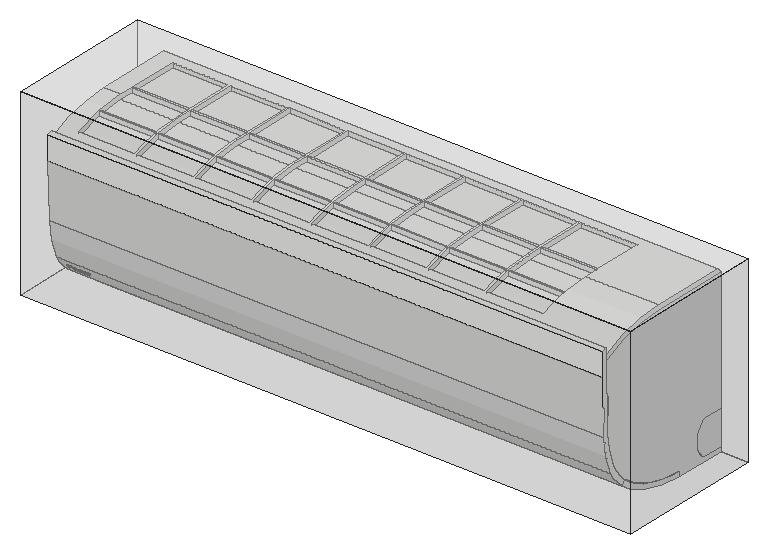
Revit family "outputfile", category 機械設備, Revit 2024 (continued)
Definition of nested family "DAIKIN_indoorunit_FTXV-UVMA"
  Automatic sketch dimensions
    Extrusion 21 sketch curve to Extrusion 21 sketch curve = 31.393 mm
    Extrusion 21 sketch curve to Extrusion 21 sketch curve = 9.215 mm
    Extrusion 21 sketch curve to level = 8.0 mm
    Extrusion 22 sketch curve to plane 1 "Center (Front/Back)" = 0.0 mm
    Extrusion 22 sketch curve to Extrusion 22 sketch curve = 20.0 mm  (x2)
    Extrusion 22 sketch curve to level = 287.035 mm
    Extrusion 23 sketch curve to plane 1 "Center (Front/Back)" = 0.0 mm
    Extrusion 23 sketch curve to Extrusion 23 sketch curve = 20.0 mm  (x2)
    Extrusion 23 sketch curve to level = 287.035 mm
    plane 1 "Center (Front/Back)" to Extrusion 24 sketch curve = 0.0 mm  (x2)
    plane 3 "Center (Left/Right)" to Extrusion 24 sketch curve = 469.0 mm
    Extrusion 24 sketch curve to Extrusion 24 sketch curve = 20.0 mm  (x4)
    Extrusion 24 sketch curve to plane 3 "Center (Left/Right)" = 409.0 mm
  Nested families
    nested 1: "daikin_logo_plane_w40" at (-320, -198.871, -233.244) x (1, 0, 0) z (0, -0.7841, -0.6206), visible <- "Width=770", type "daikin_logo_plane_w40"
      with show_logo yes
    nested 2: "daikin_logo_plane_w40" at (-430, -237.74, -233.244) x (1, 0, 0) z (0, -0.7841, -0.6206), visible <- "Width=990", type "daikin_logo_plane_w40"
      with show_logo yes
  Definition of nested family "daikin_logo_plane_w40"
    Parameters (values of type "daikin_logo_plane_w40")
      width = 40.0 mm
      show_logo [instance] = yes
      material = none
      height = 0.0 mm
      depth = 0.0 mm
      Default Elevation = 1219.2 mm
    Reference planes
      plane 1 "Center (Front/Back)": y = 0
      plane 2: z = 0
      plane 3 "Center (Left/Right)": x = 0
      plane 4: z = 2
      plane 5 "left": x = -19
      plane 6: x = 19
    Forms (mm)
      Extrusion 1, solid, visible <- "show_logo"
        sketch origin (-19, 0, 0) x (1, 0, 0) y (0, 1, 0)
          loop
            line (8.902, -1.878) -> (7.789, -6.332) -> (11.13, -6.332)
            arc (11.13, -6.332) -> (12.454, -6.064) -> (13.472, -5.176) r 2.642
            arc (13.472, -5.176) -> (13.92, -4.02) -> (13.767, -2.79) r 2.537
            arc (13.767, -2.79) -> (13.452, -2.342) -> (12.982, -2.06) r 1.321
            arc (12.982, -2.06) -> (12.063, -1.902) -> (11.13, -1.878) r 6.479
            line (11.13, -1.878) -> (8.902, -1.878)
          loop
            line (10.016, -5.441) -> (10.907, -5.441)
            arc (10.907, -5.441) -> (11.591, -4.983) -> (11.988, -4.261) r 1.742
            spline (11.988, -4.261) -> (12.01, -4.155) -> (12.027, -4.03) -> (12.037, -3.893) -> (12.037, -3.747) -> (12.026, -3.598) -> (12.002, -3.451) -> (11.962, -3.31) -> (11.905, -3.181) -> (11.829, -3.069) -> (11.731, -2.978) -> (11.61, -2.913) -> (11.464, -2.88)
            line (11.464, -2.88) -> (10.573, -2.88) -> (10.016, -5.441)
          loop
            line (13.58, -6.332) -> (14.805, -6.332) -> (15.223, -5.553) -> (16.977, -5.553) -> (17.144, -6.332) -> (19.149, -6.332) -> (18.258, -1.878) -> (16.03, -1.878) -> (13.58, -6.332)
          loop
            line (16.476, -3.214) -> (15.76, -4.551) -> (16.762, -4.551) -> (16.476, -3.214)
          loop
            line (19.705, -6.332) -> (21.599, -6.332) -> (22.712, -1.878) -> (20.819, -1.878) -> (19.705, -6.332)
          loop
            line (22.712, -6.332) -> (24.606, -6.332) -> (24.908, -5.122) -> (25.831, -6.332) -> (28.17, -6.332) -> (26.388, -3.994) -> (28.949, -1.878) -> (26.945, -1.878) -> (25.401, -3.153) -> (25.719, -1.878) -> (23.826, -1.878) -> (22.712, -6.332)
          loop
            line (29.84, -1.878) -> (28.615, -6.332) -> (30.62, -6.332) -> (31.734, -1.878) -> (29.84, -1.878)
          loop
            line (31.734, -6.332) -> (33.07, -6.332) -> (33.7, -3.814) -> (34.518, -6.332) -> (36.745, -6.332) -> (37.859, -1.878) -> (36.523, -1.878) -> (35.845, -4.589) -> (34.963, -1.878) -> (32.847, -1.878) -> (31.734, -6.332)
        from 0 to 2
      Extrusion 2, solid, visible <- "show_logo"
        sketch origin (-19, 0, 0) x (1, 0, 0) y (0, 1, 0)
          loop
            line (8.7, 0) -> (4.235, 0) -> (0, -3.879) -> (0, -8) -> (8.7, 0)
        from 0 to 2
      Extrusion 3, solid, visible <- "show_logo"
        sketch origin (-19, 0, 0) x (1, 0, 0) y (0, 1, 0)
          loop
            line (0, 0) -> (0, -3.879) -> (4.235, 0) -> (0, 0)
        from 0 to 2
    Dimensions and locks
      plane 4 to plane 2 = 2.0 mm
      equal spacing: plane 5 "left", plane 3 "Center (Left/Right)", plane 6
      locked: plane 5 "left" to plane 6 at 38
      aligned and locked: level to plane 2
      aligned and locked: Extrusion 3 to plane 1 "Center (Front/Back)"  (x2)
      aligned and locked: Extrusion 2 to plane 1 "Center (Front/Back)"  (x2)
      aligned and locked: plane 4 to Extrusion 1
      aligned and locked: plane 4 to Extrusion 3
      aligned and locked: plane 4 to Extrusion 2
      aligned and locked: Extrusion 3 to plane 5 "left"
      aligned and locked: Extrusion 2 to plane 5 "left"
    Automatic sketch dimensions
      Extrusion 1 sketch curve to Extrusion 1 sketch curve = 0.901 mm
      Extrusion 1 sketch curve to Extrusion 1 sketch curve = 1.559 mm
      Extrusion 1 sketch curve to Extrusion 1 sketch curve = 1.327 mm
      Extrusion 1 sketch curve to Extrusion 1 sketch curve = 2.145 mm
      Extrusion 1 sketch curve to Extrusion 1 sketch curve = 1.448 mm
      Extrusion 1 sketch curve to Extrusion 1 sketch curve = 2.116 mm
      Extrusion 1 sketch curve to Extrusion 1 sketch curve = 1.114 mm  (x4)
      Extrusion 1 sketch curve to Extrusion 1 sketch curve = 1.336 mm  (x2)
      plane 1 "Center (Front/Back)" to Extrusion 1 sketch curve = 1.878 mm  (x5)
      Extrusion 1 sketch curve to Extrusion 1 sketch curve = 1.893 mm  (x5)
      Extrusion 1 sketch curve to Extrusion 1 sketch curve = 0.891 mm  (x4)
      Extrusion 1 sketch curve to Extrusion 1 sketch curve = 2.005 mm  (x3)
      Extrusion 1 sketch curve to Extrusion 1 sketch curve = 0.445 mm  (x2)
      plane 1 "Center (Front/Back)" to Extrusion 1 sketch curve = 3.994 mm
      Extrusion 1 sketch curve to Extrusion 1 sketch curve = 0.557 mm  (x2)
      Extrusion 1 sketch curve to Extrusion 1 sketch curve = 2.339 mm  (x2)
      Extrusion 1 sketch curve to Extrusion 1 sketch curve = 1.225 mm  (x3)
      plane 1 "Center (Front/Back)" to Extrusion 1 sketch curve = 3.153 mm
      Extrusion 1 sketch curve to Extrusion 1 sketch curve = 0.987 mm
      plane 1 "Center (Front/Back)" to Extrusion 1 sketch curve = 5.122 mm
      Extrusion 1 sketch curve to Extrusion 1 sketch curve = 0.922 mm
      plane 1 "Center (Front/Back)" to Extrusion 1 sketch curve = 6.332 mm
      Extrusion 1 sketch curve to Extrusion 1 sketch curve = 2.562 mm
      plane 1 "Center (Front/Back)" to Extrusion 1 sketch curve = 5.553 mm
      Extrusion 1 sketch curve to Extrusion 1 sketch curve = 0.167 mm
      Extrusion 1 sketch curve to Extrusion 1 sketch curve = 0.215 mm
      plane 1 "Center (Front/Back)" to Extrusion 1 sketch curve = 3.214 mm
      Extrusion 1 sketch curve to Extrusion 1 sketch curve = 0.286 mm
      plane 1 "Center (Front/Back)" to Extrusion 1 sketch curve = 4.551 mm
      Extrusion 1 sketch curve to Extrusion 1 sketch curve = 1.002 mm
      Extrusion 1 sketch curve to Extrusion 1 sketch curve = 0.537 mm
      Extrusion 1 sketch curve to Extrusion 1 sketch curve = 0.418 mm
      Extrusion 1 sketch curve to Extrusion 1 sketch curve = 1.028 mm
      plane 1 "Center (Front/Back)" to Extrusion 1 sketch curve = 4.261 mm
      Extrusion 1 sketch curve to Extrusion 1 sketch curve = 0.563 mm
      plane 1 "Center (Front/Back)" to Extrusion 1 sketch curve = 2.88 mm
      Extrusion 1 sketch curve to Extrusion 1 sketch curve = 1.088 mm
      Extrusion 1 sketch curve to Extrusion 1 sketch curve = 2.152 mm
      Extrusion 1 sketch curve to Extrusion 1 sketch curve = 0.586 mm
      Extrusion 1 sketch curve to Extrusion 1 sketch curve = 0.118 mm
      Extrusion 1 sketch curve to Extrusion 1 sketch curve = 0.298 mm
      Extrusion 1 sketch curve to Extrusion 1 sketch curve = 0.334 mm
      Extrusion 1 sketch curve to Extrusion 1 sketch curve = 0.223 mm
      Extrusion 1 sketch curve to Extrusion 1 sketch curve = 0.266 mm
      Extrusion 1 sketch curve to Extrusion 1 sketch curve = 1.671 mm
      Extrusion 1 sketch curve to Extrusion 1 sketch curve = 2.227 mm
      Extrusion 1 sketch curve to Extrusion 1 sketch curve = 0.0 mm  (x7)
      Extrusion 1 sketch curve to Extrusion 1 sketch curve = 3.453 mm
      Extrusion 1 sketch curve to Extrusion 1 sketch curve = 2.017 mm
      Extrusion 1 sketch curve to Extrusion 1 sketch curve = 0.78 mm  (x2)
      Extrusion 1 sketch curve to Extrusion 1 sketch curve = 1.743 mm
      Extrusion 1 sketch curve to Extrusion 1 sketch curve = 0.775 mm
      Extrusion 1 sketch curve to Extrusion 1 sketch curve = 0.552 mm
      Extrusion 1 sketch curve to Extrusion 1 sketch curve = 0.014 mm
      Extrusion 1 sketch curve to Extrusion 1 sketch curve = 0.952 mm
      Extrusion 1 sketch curve to Extrusion 1 sketch curve = 1.215 mm
      Extrusion 1 sketch curve to Extrusion 1 sketch curve = 0.108 mm
      plane 1 "Center (Front/Back)" to Extrusion 2 sketch curve = 0.0 mm
      Extrusion 2 sketch curve to plane 3 "Center (Left/Right)" = 19.0 mm
      Extrusion 2 sketch curve to plane 3 "Center (Left/Right)" = 14.765 mm
      Extrusion 2 sketch curve to Extrusion 2 sketch curve = 4.465 mm
      plane 1 "Center (Front/Back)" to Extrusion 2 sketch curve = 3.879 mm
      Extrusion 2 sketch curve to Extrusion 2 sketch curve = 4.12 mm
      plane 1 "Center (Front/Back)" to Extrusion 3 sketch curve = 0.0 mm
      Extrusion 3 sketch curve to plane 3 "Center (Left/Right)" = 19.0 mm
      Extrusion 3 sketch curve to plane 3 "Center (Left/Right)" = 14.765 mm
      plane 1 "Center (Front/Back)" to Extrusion 3 sketch curve = 3.879 mm
      Extrusion 1 sketch curve to plane 3 "Center (Left/Right)" = 11.211 mm
      Extrusion 1 sketch curve to Extrusion 1 sketch curve = 1.782 mm
Definition of nested family "daikin_connector_rotate3"
  Parameters (values of type "daikin_connector_rotate3")
    show [instance] = yes
    radius [instance] = 10.0 mm
    length [instance] = 600.0 mm
    angle_horizontal [instance] = 60.00°
    angle_vertical [instance] = 90.00°
    Default Elevation = 1219.2 mm
  Reference planes
    plane 1 "Center (Front/Back)": y = 0
    plane 2: z = 0
    plane 3 "Center (Left/Right)": x = 0
  Dimensions and locks
    "angle_horizontal": angle plane 3 "Center (Left/Right)" to nested 1
    aligned and locked: level to plane 2
    aligned and locked: plane 1 "Center (Front/Back)" to nested 1  (x2)
    aligned and locked: plane 3 "Center (Left/Right)" to nested 1
  Nested families
    nested 1: "daikin_connector_rotate2" at (0, 0, 0) x (0.5, 0.866, 0) z (0, 0, 1), angle_vertical <- "angle_vertical", length <- "length", radius <- "radius", type "daikin_connector_rotate2"
      with radius 10.0 mm, length 600.0 mm, angle_vertical 90.00°
  Definition of nested family "daikin_connector_rotate2"
    Parameters (values of type "daikin_connector_rotate2")
      show_face = yes
      radius [instance] = 10.0 mm
      length [instance] = 600.0 mm
      d_surface = 10.0 mm
      angle_vertical [instance] = 90.00°
      Default Elevation = 0.0 mm
    Reference planes
      plane 1 "Center (Front/Back)": y = 0
      plane 2: z = 0
      plane 3 "Center (Left/Right)": x = 0
    Forms (mm)
      Extrusion 1, solid, visible <- "show_face"
        sketch origin (0, -600, 0) x (1, 0, 0) y (0, 0, 1)
          loop
            circle (0, 0) r 10
        from 0 to -10
    Lines and regions (mm)
      reference lines
        curve 1: line (0, 0, 0) -> (0, -600, 0)
      symbolic lines
        curve 2: circle (0, 0, 0) r 5 normal (0, 0, 1)
      model lines, visible <- "show_face"
        curve 3: line (0, 0, 0) -> (0, -600, 0)
    Dimensions and locks
      "length": curve 1 to curve 1
      "length": curve 3 to curve 3
      "d_surface": Extrusion 1 to Extrusion 1
      "radius": radius of Extrusion 1 sketch curve
      "angle_vertical": angle curve 1 to plane 1 "Center (Front/Back)"
      "angle_vertical": angle curve 3 to plane 1 "Center (Front/Back)"
      aligned and locked: level to plane 2
      aligned and locked: plane 1 "Center (Front/Back)" to curve 1
      aligned and locked: plane 2 to curve 1
      aligned and locked: plane 1 "Center (Front/Back)" to curve 2
      aligned and locked: plane 3 "Center (Left/Right)" to curve 2
      aligned and locked: plane 1 "Center (Front/Back)" to curve 3
      aligned and locked: plane 2 to curve 3
      aligned and locked: Extrusion 1 to Extrusion 1
    Automatic sketch dimensions
      Extrusion 1 sketch curve to level = 0.0 mm
      Extrusion 1 sketch curve to plane 3 "Center (Left/Right)" = 0.0 mm
      radius of curve 2 = 5.0 mm
